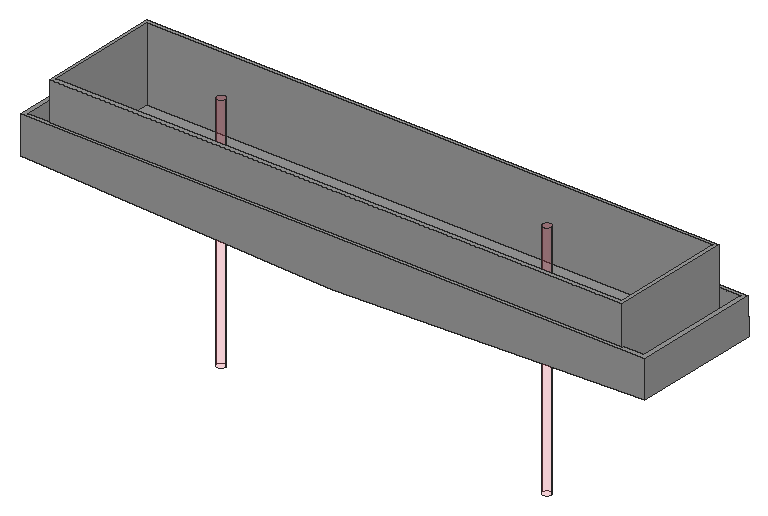
Revit family "LAMP_SUSPENSION DOBLE 962749X", category Modelos genéricos, Revit 2015
Parameters (values of type "GREY")
  Weight = 0.625 kg
  Product datasheet = "http://admin.lamp.es/es/fichas/ver/9627493-ES.pdf"
  Product code = "9627493"
  Product URL = "http://www.lamp.es/es/catalog/grupos/ver/1196"
  Modelo = Product code  # "9627493"
  Model explanation = "Availability of switching between accessories through visibility parameters when placed in a project."
  Maximun length (mm) = 3000 mm
  Material Carcasa = LAMP_Plástico genérico GR
  Material Cables = LAMP_Acero genérico
  Manufacturer name = "LAMP LIGHTING"
  Manufacturer country = "Spain"
  Manufacturer URL = "http://www.lamp.es"
  Last update = "23/02/2018"
  Installation instructions = "http://admin.lamp.es/cad/100_ins.zip"
  Finish = "Grey"
  Fabricante = Manufacturer name  # "LAMP LIGHTING"
  Descripción = "ACC. DB ELECMEC SUSP GR."
  Comentarios de tipo = Model explanation  # "Availability of switching between accessories through visibility parameters when placed in a project."
  Accessory type = "Suspension"
  962749X [instance] = no
Types (2, lengths in mm): name | Product datasheet | Product code | Product URL | Modelo | Material Carcasa | Finish | Descripción
  WHITE | "http://admin.lamp.es/en/fichas/ver/9627490-ES.pdf" | "9627490" | "http://www.lamp.es/en/catalog/grupos/ver/1196" | "9627490" | LAMP_Plástico genérico BL | "White" | "ACC. DB ELECMEC SUSP WH."
  GREY | "http://admin.lamp.es/es/fichas/ver/9627493-ES.pdf" | "9627493" | "http://www.lamp.es/es/catalog/grupos/ver/1196" | "9627493" | LAMP_Plástico genérico GR | "Grey" | "ACC. DB ELECMEC SUSP GR."
Reference planes
  plane 1 "Centro (Frontal/Posterior)": y = 0
  plane 2: z = 0
  plane 3 "Centro (Izquierda/Derecha)": x = 0
Forms (mm)
  Sweep 1, solid, material "LAMP_Plástico genérico GR" <- "Material Carcasa"
    path origin (0, 0, 0) x (1, 0, 0) y (0, 1, 0)
      loop
        line (-130, 27) -> (-130, -27) -> (130, -27) -> (130, 27) -> (-130, 27)
    profile origin (0, 27, 0) x (0, 1, 0) y (0, 0, 1)
      loop
        line (0, 0) -> (0, 20) -> (-1.8, 20) -> (-1.8, 0) -> (0, 0)
  Extrusion 2, void
    sketch origin (0, 0, 0) x (1, 0, 0) y (0, 0, 1)
      loop
        arc (0, 0) -> (-65.041, 1.159) -> (-130, 4.636) r 1825
        line (-130, 4.636) -> (-130, 0) -> (0, 0)
    from 27 to -27
  Extrusion 3, void
    sketch origin (0, 0, 0) x (-1, 0, 0) y (0, 0, -1)
      loop
        line (0, 0) -> (-130, 0) -> (-130, -4.636)
        arc (-130, -4.636) -> (-65.041, -1.159) -> (0, 0) r 1825
    from 27 to -27
  Extrusion 4, solid, material "LAMP_Plástico genérico GR" <- "Material Carcasa"
    sketch origin (0, 0, 0) x (1, 0, 0) y (0, 0, 1)
      loop
        arc (0, 0) -> (64.556, 1.142) -> (129.031, 4.567) r 1825
        line (129.031, 4.567) -> (129.031, 5.567)
        arc (129.031, 5.567) -> (-0.004, 1) -> (-129.039, 5.568) r 1825
        line (-129.039, 5.568) -> (-129.039, 4.568)
        arc (-129.039, 4.568) -> (-64.56, 1.142) -> (0, 0) r 1825
    from 25.2 to -25.2
  Sweep 5, solid, material "LAMP_Plástico genérico GR" <- "Material Carcasa"
    path origin (0, 0, 0) x (1, 0, 0) y (0, 1, 0)
      loop
        line (-116, 22) -> (-116, -22) -> (116, -22) -> (116, 22) -> (-116, 22)
    profile origin (0, 22, 0) x (0, 1, 0) y (0, 0, 1)
      loop
        line (3.2, 5.508) -> (3.2, 36) -> (1.7, 36) -> (1.7, 5.508) -> (3.2, 5.508)
  Extrusion 6, void
    sketch origin (0, 0, 0) x (1, 0, 0) y (0, 1, 0)
      loop
        arc (-99, 1.8) -> (-100.8, 0) -> (-99, -1.8) r 1.8
        line (-99, -1.8) -> (-35, -1.8)
        arc (-35, -1.8) -> (-33.2, 0) -> (-35, 1.8) r 1.8
        line (-35, 1.8) -> (-99, 1.8)
    from 0 to 10
  Extrusion 7, void
    sketch origin (0, 0, 0) x (-1, 0, 0) y (0, -1, 0)
      loop
        line (-99, -1.8) -> (-35, -1.8)
        arc (-35, -1.8) -> (-33.2, 0) -> (-35, 1.8) r 1.8
        line (-35, 1.8) -> (-99, 1.8)
        arc (-99, 1.8) -> (-100.8, 0) -> (-99, -1.8) r 1.8
    from 0 to 10
  Extrusion 8, solid, material "LAMP_Acero genérico" <- "Material Cables"
    sketch origin (0, 0, -294) x (-1, 0, 0) y (0, -1, 0)
      loop
        circle (67.829, 0) r 1.8
    from 330 to 230
  Extrusion 9, solid, material "LAMP_Acero genérico" <- "Material Cables"
    sketch origin (0, 0, -294) x (1, 0, 0) y (0, 1, 0)
      loop
        circle (67.829, 0) r 1.8
    from 330 to 230
Cuts and joins
  Extrusion 2, Extrusion 3, Extrusion 6, Extrusion 7 cuts Sweep 1
  Extrusion 6, Extrusion 7 cuts Extrusion 4
  joined: Sweep 1, Extrusion 4
Text (mm)
  text "Any modification of the parameters and properties of the LAMP BIM models must be executed and validated by the LAMP technical department.\n\nPhone: +34 93 736 68 00\n\nE-mail: lamp@lamp.es\n\n\n\nLAMP reserves the right to modify the technical specifications of its products." at (165.624, 77.245, 143.256), in view "Preview"
Dimensions and locks
  aligned and locked: level to plane 2
  aligned and locked: Sweep 5 to Extrusion 8
  aligned and locked: Sweep 5 to Extrusion 9
